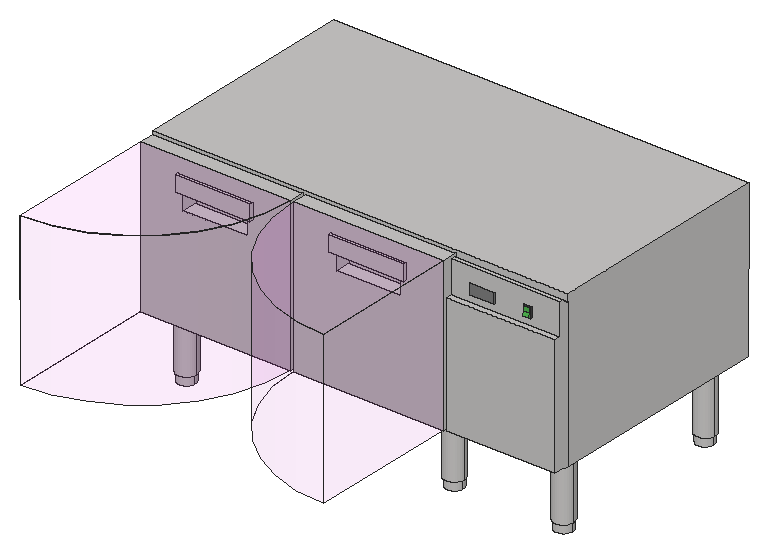
Revit family "QF_ELECTROLUXPROFESSIONAL_371371_E7TTCPCOMIN", category Specialty Equipment, Revit 2018 (continued)
Lines and regions (mm)
  Split face 148
    outline origin (788.396, -348, 142.29) x (0, 0, -1) y (1, 0, 0)
      loop
        arc (-117.004, -234.4) -> (-121.004, -238.41) -> (-116.984, -242.399) r 4
        line (-116.984, -242.399) -> (-85.025, -242.399)
  Split face 149
    outline origin (800.396, -348, 142.29) x (0, 0, -1) y (1, 0, 0)
      loop
        arc (-85.025, -242.399) -> (-81.004, -238.41) -> (-85.004, -234.4) r 4
        line (-85.004, -234.4) -> (-117.004, -234.4)
        arc (-117.004, -234.4) -> (-121.004, -238.41) -> (-116.984, -242.399) r 4
        line (-116.984, -242.399) -> (-85.025, -242.399)
  Split face 150
    outline origin (812.396, -348, 142.29) x (0, 0, -1) y (1, 0, 0)
      loop
        arc (-85.025, -242.399) -> (-81.004, -238.41) -> (-85.004, -234.4) r 4
        line (-85.004, -234.4) -> (-117.004, -234.4)
        arc (-117.004, -234.4) -> (-121.004, -238.41) -> (-116.984, -242.399) r 4
        line (-116.984, -242.399) -> (-85.025, -242.399)
  Split face 151
    outline origin (589.5, -348, 142.29) x (0, 0, -1) y (1, 0, 0)
      loop
        arc (-85.025, -282.599) -> (-81.004, -278.61) -> (-85.004, -274.599) r 4
        line (-85.004, -274.599) -> (-117.004, -274.599)
        arc (-117.004, -274.599) -> (-121.004, -278.61) -> (-116.984, -282.599) r 4
        line (-116.984, -282.599) -> (-85.025, -282.599)
  Split face 152
    outline origin (709.396, -348, 412.291) x (0, 0, -1) y (1, 0, 0)
      loop
        arc (-85.025, -282.599) -> (-81.004, -278.61) -> (-85.004, -274.599) r 4
        line (-85.004, -274.599) -> (-117.004, -274.599)
        arc (-117.004, -274.599) -> (-121.004, -278.61) -> (-116.984, -282.599) r 4
        line (-116.984, -282.599) -> (-85.025, -282.599)
  Split face 153
    outline origin (721.397, -348, 412.291) x (0, 0, -1) y (1, 0, 0)
      loop
        arc (-85.025, -282.599) -> (-81.004, -278.61) -> (-85.004, -274.599) r 4
        line (-85.004, -274.599) -> (-117.004, -274.599)
        arc (-117.004, -274.599) -> (-121.004, -278.61) -> (-116.984, -282.599) r 4
        line (-116.984, -282.599) -> (-85.025, -282.599)
  Split face 154
    outline origin (733.396, -348, 412.291) x (0, 0, -1) y (1, 0, 0)
      loop
        arc (-85.025, -282.599) -> (-81.004, -278.61) -> (-85.004, -274.599) r 4
        line (-85.004, -274.599) -> (-117.004, -274.599)
        arc (-117.004, -274.599) -> (-121.004, -278.61) -> (-116.984, -282.599) r 4
        line (-116.984, -282.599) -> (-85.025, -282.599)
  Split face 155
    outline origin (709.396, -348, 367.29) x (0, 0, -1) y (1, 0, 0)
      loop
        arc (-85.025, -282.599) -> (-81.004, -278.61) -> (-85.004, -274.599) r 4
        line (-85.004, -274.599) -> (-117.004, -274.599)
        arc (-117.004, -274.599) -> (-121.004, -278.61) -> (-116.984, -282.599) r 4
        line (-116.984, -282.599) -> (-85.025, -282.599)
  Split face 156
    outline origin (721.397, -348, 367.29) x (0, 0, -1) y (1, 0, 0)
      loop
        arc (-85.025, -282.599) -> (-81.004, -278.61) -> (-85.004, -274.599) r 4
        line (-85.004, -274.599) -> (-117.004, -274.599)
        arc (-117.004, -274.599) -> (-121.004, -278.61) -> (-116.984, -282.599) r 4
        line (-116.984, -282.599) -> (-85.025, -282.599)
  Split face 157
    outline origin (733.396, -348, 367.29) x (0, 0, -1) y (1, 0, 0)
      loop
        arc (-85.025, -282.599) -> (-81.004, -278.61) -> (-85.004, -274.599) r 4
        line (-85.004, -274.599) -> (-117.004, -274.599)
        arc (-117.004, -274.599) -> (-121.004, -278.61) -> (-116.984, -282.599) r 4
        line (-116.984, -282.599) -> (-85.025, -282.599)
  Split face 158
    outline origin (709.396, -348, 322.29) x (0, 0, -1) y (1, 0, 0)
      loop
        arc (-85.025, -282.599) -> (-81.004, -278.61) -> (-85.004, -274.599) r 4
        line (-85.004, -274.599) -> (-117.004, -274.599)
        arc (-117.004, -274.599) -> (-121.004, -278.61) -> (-116.984, -282.599) r 4
        line (-116.984, -282.599) -> (-85.025, -282.599)
  Split face 159
    outline origin (721.397, -348, 322.29) x (0, 0, -1) y (1, 0, 0)
      loop
        arc (-85.025, -282.599) -> (-81.004, -278.61) -> (-85.004, -274.599) r 4
        line (-85.004, -274.599) -> (-117.004, -274.599)
        arc (-117.004, -274.599) -> (-121.004, -278.61) -> (-116.984, -282.599) r 4
        line (-116.984, -282.599) -> (-85.025, -282.599)
  Split face 160
    outline origin (733.396, -348, 322.29) x (0, 0, -1) y (1, 0, 0)
      loop
        arc (-85.025, -282.599) -> (-81.004, -278.61) -> (-85.004, -274.599) r 4
        line (-85.004, -274.599) -> (-117.004, -274.599)
        arc (-117.004, -274.599) -> (-121.004, -278.61) -> (-116.984, -282.599) r 4
        line (-116.984, -282.599) -> (-85.025, -282.599)
  Split face 161
    outline origin (709.396, -348, 277.29) x (0, 0, -1) y (1, 0, 0)
      loop
        arc (-85.025, -282.599) -> (-81.004, -278.61) -> (-85.004, -274.599) r 4
        line (-85.004, -274.599) -> (-117.004, -274.599)
        arc (-117.004, -274.599) -> (-121.004, -278.61) -> (-116.984, -282.599) r 4
        line (-116.984, -282.599) -> (-85.025, -282.599)
  Split face 162
    outline origin (721.397, -348, 277.29) x (0, 0, -1) y (1, 0, 0)
      loop
        arc (-85.025, -282.599) -> (-81.004, -278.61) -> (-85.004, -274.599) r 4
        line (-85.004, -274.599) -> (-117.004, -274.599)
        arc (-117.004, -274.599) -> (-121.004, -278.61) -> (-116.984, -282.599) r 4
        line (-116.984, -282.599) -> (-85.025, -282.599)
  Split face 163
    outline origin (733.396, -348, 277.29) x (0, 0, -1) y (1, 0, 0)
      loop
        arc (-85.025, -282.599) -> (-81.004, -278.61) -> (-85.004, -274.599) r 4
        line (-85.004, -274.599) -> (-117.004, -274.599)
        arc (-117.004, -274.599) -> (-121.004, -278.61) -> (-116.984, -282.599) r 4
        line (-116.984, -282.599) -> (-85.025, -282.599)
  Split face 164
    outline origin (709.396, -348, 232.29) x (0, 0, -1) y (1, 0, 0)
      loop
        arc (-85.025, -282.599) -> (-81.004, -278.61) -> (-85.004, -274.599) r 4
        line (-85.004, -274.599) -> (-117.004, -274.599)
        arc (-117.004, -274.599) -> (-121.004, -278.61) -> (-116.984, -282.599) r 4
        line (-116.984, -282.599) -> (-85.025, -282.599)
  Split face 165
    outline origin (721.397, -348, 232.29) x (0, 0, -1) y (1, 0, 0)
      loop
        arc (-85.025, -282.599) -> (-81.004, -278.61) -> (-85.004, -274.599) r 4
        line (-85.004, -274.599) -> (-117.004, -274.599)
        arc (-117.004, -274.599) -> (-121.004, -278.61) -> (-116.984, -282.599) r 4
        line (-116.984, -282.599) -> (-85.025, -282.599)
  Split face 166
    outline origin (733.396, -348, 232.29) x (0, 0, -1) y (1, 0, 0)
      loop
        arc (-85.025, -282.599) -> (-81.004, -278.61) -> (-85.004, -274.599) r 4
        line (-85.004, -274.599) -> (-117.004, -274.599)
        arc (-117.004, -274.599) -> (-121.004, -278.61) -> (-116.984, -282.599) r 4
        line (-116.984, -282.599) -> (-85.025, -282.599)
  Split face 167
    outline origin (709.396, -348, 187.29) x (0, 0, -1) y (1, 0, 0)
      loop
        arc (-85.025, -282.599) -> (-81.004, -278.61) -> (-85.004, -274.599) r 4
        line (-85.004, -274.599) -> (-117.004, -274.599)
        arc (-117.004, -274.599) -> (-121.004, -278.61) -> (-116.984, -282.599) r 4
        line (-116.984, -282.599) -> (-85.025, -282.599)
  Split face 168
    outline origin (721.397, -348, 187.29) x (0, 0, -1) y (1, 0, 0)
      loop
        arc (-85.025, -282.599) -> (-81.004, -278.61) -> (-85.004, -274.599) r 4
        line (-85.004, -274.599) -> (-117.004, -274.599)
        arc (-117.004, -274.599) -> (-121.004, -278.61) -> (-116.984, -282.599) r 4
        line (-116.984, -282.599) -> (-85.025, -282.599)
  Split face 169
    outline origin (733.396, -348, 187.29) x (0, 0, -1) y (1, 0, 0)
      loop
        arc (-85.025, -282.599) -> (-81.004, -278.61) -> (-85.004, -274.599) r 4
        line (-85.004, -274.599) -> (-117.004, -274.599)
        arc (-117.004, -274.599) -> (-121.004, -278.61) -> (-116.984, -282.599) r 4
        line (-116.984, -282.599) -> (-85.025, -282.599)
  Split face 170
    outline origin (709.396, -348, 142.29) x (0, 0, -1) y (1, 0, 0)
      loop
        arc (-85.025, -282.599) -> (-81.004, -278.61) -> (-85.004, -274.599) r 4
        line (-85.004, -274.599) -> (-117.004, -274.599)
        arc (-117.004, -274.599) -> (-121.004, -278.61) -> (-116.984, -282.599) r 4
        line (-116.984, -282.599) -> (-85.025, -282.599)
  Split face 171
    outline origin (721.397, -348, 142.29) x (0, 0, -1) y (1, 0, 0)
      loop
        arc (-85.025, -282.599) -> (-81.004, -278.61) -> (-85.004, -274.599) r 4
        line (-85.004, -274.599) -> (-117.004, -274.599)
        arc (-117.004, -274.599) -> (-121.004, -278.61) -> (-116.984, -282.599) r 4
        line (-116.984, -282.599) -> (-85.025, -282.599)
  Split face 172
    outline origin (733.396, -348, 142.29) x (0, 0, -1) y (1, 0, 0)
      loop
        arc (-85.025, -282.599) -> (-81.004, -278.61) -> (-85.004, -274.599) r 4
        line (-85.004, -274.599) -> (-117.004, -274.599)
        arc (-117.004, -274.599) -> (-121.004, -278.61) -> (-116.984, -282.599) r 4
        line (-116.984, -282.599) -> (-85.025, -282.599)
  symbolic lines, style "SpecialityEquipmentHiddenLines"
    curve 1: line (-599, 350, 0) -> (599, 350, 0)
    curve 2: line (-599, -348, 0) -> (-599, 350, 0)
    curve 3: line (599, -348, 0) -> (-599, -348, 0)
    curve 4: line (599, 350, 0) -> (599, -348, 0)
    curve 5: line (-599, -303, 0) -> (599, -303, 0)
  symbolic lines, style "QF_Door-Drawer Clearances"
    curve 6: line (-599, -348, 0) -> (-599, -782.001, 0)
    curve 7: line (-559, -348, 0) -> (-559, -782.001, 0)
    curve 8: line (-559, -782.001, 0) -> (-599, -782.001, 0)
    curve 9: arc (-559, -782.001, 0) -> (-278.246, -641.035, 0) -> (-164.999, -348, 0) r 436.241
    curve 10: line (277.502, -348, 0) -> (277.502, -782.001, 0)
    curve 11: line (237.502, -348, 0) -> (237.502, -782.001, 0)
    curve 12: line (237.502, -782.001, 0) -> (277.502, -782.001, 0)
    curve 13: arc (237.502, -782.001, 0) -> (-43.252, -641.035, 0) -> (-156.499, -348, 0) r 436.241
Dimensions and locks
  plane 4 to level = 200 mm
  plane 5 "TOP" to level = 650 mm
  plane 5 "TOP" to plane 4 = 450 mm
  equal spacing: plane 8 "LEFT", plane 3 "Centro (Sinistra/Destra)", plane 9 "RIGHT"
  plane 8 "LEFT" to plane 9 "RIGHT" = 1200 mm
  equal spacing: plane 6 "BACK", plane 1 "Center X", plane 7 "FRONT"
  plane 6 "BACK" to plane 7 "FRONT" = 700 mm
  locked: plane 6 "BACK" to plane 10 at 653
  locked: plane 10 to plane 11 at 45
  locked: plane 8 "LEFT" to plane 12 at 55
  locked: plane 13 to plane 9 "RIGHT" at 55
  locked: plane 12 to plane 14 at 774
  locked: plane 6 "BACK" to plane 15 at 88
  locked: plane 16 to plane 11 at 99
  locked: plane 19 to plane 9 "RIGHT" at 1
  locked: plane 8 "LEFT" to plane 18 at 1
  plane 19 to plane 17 = 313 mm
  locked: plane 6 "BACK" to plane 20 at 160
  plane 21 to plane 9 "RIGHT" = 40 mm
  aligned and locked: level to plane 2
  aligned and locked: plane 12 to nested 1
  aligned and locked: nested 1 to plane 16
  aligned and locked: nested 2 to plane 15
  aligned and locked: plane 14 to nested 3
  aligned and locked: nested 4 to plane 14
  aligned and locked: plane 13 to nested 5
  aligned and locked: nested 6 to plane 13
  aligned and locked: Extrusion 1 sketch curve to plane 6 "BACK"
  aligned and locked: plane 10 to Extrusion 1 sketch curve
  aligned and locked: Extrusion 2 to plane 11
  aligned and locked: Extrusion 8 to plane 11
  aligned and locked: plane 19 to Extrusion 1
  aligned and locked: plane 4 to Extrusion 10
Automatic sketch dimensions
  Extrusion 10 sketch curve to plane 20 = 0 mm
  Extrusion 10 sketch curve to plane 21 = 0 mm
  curve 2 to plane 11 = 0 mm
  curve 2 to plane 18 = 0 mm
  curve 4 to plane 6 "BACK" = 0 mm
  curve 4 to plane 19 = 0 mm
  curve 5 to plane 10 = 0 mm
  plane 11 to curve 9 = 0.19 mm
  curve 9 to plane 8 "LEFT" = 1.24 mm
  curve 7 to plane 12 = 14 mm
  curve 12 to plane 17 = 48.498 mm
  curve 10 to plane 17 = 8.498 mm
  plane 11 to curve 13 = 0.19 mm
  curve 10 to curve 13 = 2.24 mm
  curve 11 to plane 7 "FRONT" = 432.001 mm
  curve 6 to plane 7 "FRONT" = 432.001 mm
  Extrusion 1 sketch curve to plane 19 = 0 mm
  Extrusion 1 sketch curve to plane 18 = 0 mm
  Extrusion 2 sketch curve to plane 18 = 0 mm
  plane 12 to Extrusion 2 sketch curve = 69.7 mm
  Extrusion 2 sketch curve to Extrusion 2 sketch curve = 186.601 mm
  Extrusion 2 sketch curve to plane 5 "TOP" = 9.006 mm
  Extrusion 2 sketch curve to Extrusion 2 sketch curve = 123.7 mm
  Extrusion 2 sketch curve to plane 5 "TOP" = 65 mm
  Extrusion 2 sketch curve to Extrusion 2 sketch curve = 78.294 mm
  plane 4 to Extrusion 2 sketch curve = 1.587 mm
  Extrusion 3 sketch curve to plane 11 = 0 mm
  Extrusion 3 sketch curve to plane 4 = 0 mm
  Extrusion 3 sketch curve to plane 10 = 0 mm
  plane 11 to Extrusion 3 sketch curve = 16.901 mm
  Extrusion 3 sketch curve to Extrusion 3 sketch curve = 11.336 mm
  plane 4 to Extrusion 3 sketch curve = 4.796 mm
  Extrusion 3 sketch curve to plane 10 = 15.163 mm
  Extrusion 3 sketch curve to plane 10 = 5.442 mm
  Extrusion 3 sketch curve to plane 5 "TOP" = 100.204 mm
  Extrusion 3 sketch curve to plane 5 "TOP" = 20.473 mm
  Extrusion 3 sketch curve to plane 5 "TOP" = 9.006 mm
  Extrusion 3 to Extrusion 4 sketch curve = 42.198 mm
  Extrusion 4 sketch curve to Extrusion 3 = 20 mm
  Extrusion 3 to Extrusion 4 sketch curve = 102.899 mm
  Extrusion 4 sketch curve to Extrusion 4 sketch curve = 22 mm
  Extrusion 3 to Extrusion 5 sketch curve = 42.198 mm
  Extrusion 5 sketch curve to Extrusion 3 = 20 mm
  Extrusion 3 to Extrusion 5 sketch curve = 54.901 mm
  Extrusion 5 sketch curve to Extrusion 5 sketch curve = 70 mm
  Split face 1 sketch curve to Extrusion 5 = 5 mm
  Split face 1 sketch curve to Extrusion 5 = 9 mm
  Split face 1 sketch curve to Extrusion 5 = 10 mm  (x2)
  Split face 2 sketch curve to Extrusion 5 = 12.5 mm
  Split face 2 sketch curve to Extrusion 5 = 7 mm
  Split face 3 sketch curve to Extrusion 5 = 7.5 mm
  Split face 3 sketch curve to Extrusion 5 = 7 mm
  Split face 4 sketch curve to Extrusion 5 = 11.5 mm
  Split face 4 sketch curve to Extrusion 5 = 7 mm
  Split face 5 sketch curve to Extrusion 5 = 7.5 mm
  Split face 5 sketch curve to Extrusion 5 = 7 mm
  Split face 6 sketch curve to Extrusion 5 = 12.5 mm
  Split face 6 sketch curve to Extrusion 5 = 7 mm
  Split face 7 sketch curve to Extrusion 5 = 11.5 mm
  Split face 7 sketch curve to Extrusion 5 = 7 mm
  Split face 8 sketch curve to Extrusion 5 = 7.047 mm
  Split face 8 sketch curve to Extrusion 5 = 2.047 mm
  Split face 8 sketch curve to Extrusion 5 = 10 mm
  Split face 8 sketch curve to Split face 8 sketch curve = 11 mm
  Split face 9 sketch curve to Extrusion 5 = 7.047 mm
  Split face 9 sketch curve to Extrusion 5 = 2.047 mm
  Split face 9 sketch curve to Extrusion 5 = 23 mm
  Split face 9 sketch curve to Split face 9 sketch curve = 11 mm
  Split face 10 sketch curve to Extrusion 5 = 7.047 mm
  Split face 10 sketch curve to Extrusion 5 = 2.047 mm
  Split face 10 sketch curve to Extrusion 5 = 34 mm
  Split face 10 sketch curve to Split face 10 sketch curve = 11 mm
  Split face 11 sketch curve to Extrusion 5 = 7.047 mm
  Split face 11 sketch curve to Extrusion 5 = 2.047 mm
  Split face 11 sketch curve to Extrusion 5 = 21 mm
  Split face 11 sketch curve to Extrusion 5 = 10 mm
  Extrusion 6 sketch curve to Extrusion 6 sketch curve = 0 mm  (x3)
  Extrusion 6 sketch curve to Extrusion 4 = 0 mm
  Extrusion 4 to Extrusion 6 sketch curve = 2.279 mm
  Extrusion 6 sketch curve to Extrusion 6 sketch curve = 0.116 mm
  Extrusion 6 sketch curve to Extrusion 6 sketch curve = 12.105 mm
  Extrusion 4 to Extrusion 6 sketch curve = 3.692 mm
  Extrusion 4 to Extrusion 6 sketch curve = 2.395 mm
  Split face 12 sketch curve to Extrusion 3 = 20.5 mm
  Split face 12 sketch curve to Split face 12 sketch curve = 0.02 mm  (x2)
  Split face 12 sketch curve to Split face 12 sketch curve = 31.959 mm
  Split face 12 sketch curve to Extrusion 3 = 32.901 mm
  Split face 12 sketch curve to Split face 12 sketch curve = 4 mm
  Split face 13 sketch curve to Extrusion 3 = 20.5 mm
  Split face 13 sketch curve to Split face 13 sketch curve = 0.02 mm  (x2)
  Split face 13 sketch curve to Split face 13 sketch curve = 31.959 mm
  Split face 13 sketch curve to Extrusion 3 = 44.9 mm
  Split face 13 sketch curve to Split face 13 sketch curve = 4 mm
  Split face 14 sketch curve to Extrusion 3 = 20.5 mm
  Split face 14 sketch curve to Split face 14 sketch curve = 0.02 mm  (x2)
  Split face 14 sketch curve to Split face 14 sketch curve = 31.959 mm
  Split face 14 sketch curve to Extrusion 3 = 56.9 mm
  Split face 14 sketch curve to Split face 14 sketch curve = 4 mm
  Split face 15 sketch curve to Extrusion 3 = 20.5 mm
  Split face 15 sketch curve to Split face 15 sketch curve = 0.02 mm  (x2)
  Split face 15 sketch curve to Split face 15 sketch curve = 31.959 mm
  Split face 15 sketch curve to Extrusion 3 = 68.797 mm
  Split face 15 sketch curve to Split face 15 sketch curve = 4 mm
  Split face 16 sketch curve to Extrusion 3 = 20.5 mm
  Split face 16 sketch curve to Split face 16 sketch curve = 0.02 mm  (x2)
  Split face 16 sketch curve to Split face 16 sketch curve = 31.959 mm
  Split face 16 sketch curve to Extrusion 3 = 80.797 mm
  Split face 16 sketch curve to Split face 16 sketch curve = 4 mm
  Split face 17 sketch curve to Extrusion 3 = 20.5 mm
  Split face 17 sketch curve to Split face 17 sketch curve = 0.02 mm  (x2)
  Split face 17 sketch curve to Split face 17 sketch curve = 31.959 mm
  Split face 17 sketch curve to Extrusion 3 = 92.797 mm
  Split face 17 sketch curve to Split face 17 sketch curve = 4 mm
  Split face 18 sketch curve to Extrusion 3 = 20.5 mm
  Split face 18 sketch curve to Split face 18 sketch curve = 0.02 mm  (x2)
  Split face 18 sketch curve to Split face 18 sketch curve = 31.959 mm
  Split face 18 sketch curve to Extrusion 3 = 104.797 mm
  Split face 18 sketch curve to Split face 18 sketch curve = 4 mm
  Split face 19 sketch curve to Extrusion 3 = 20.5 mm
  Split face 19 sketch curve to Split face 19 sketch curve = 0.02 mm  (x2)
  Split face 19 sketch curve to Split face 19 sketch curve = 31.959 mm
  Split face 19 sketch curve to Extrusion 3 = 116.797 mm
  Split face 19 sketch curve to Split face 19 sketch curve = 4 mm
  Split face 20 sketch curve to Extrusion 3 = 20.5 mm
  Split face 20 sketch curve to Split face 20 sketch curve = 0.02 mm  (x2)
  Split face 20 sketch curve to Split face 20 sketch curve = 31.959 mm
  Split face 20 sketch curve to Extrusion 3 = 128.797 mm
  Split face 20 sketch curve to Split face 20 sketch curve = 4 mm
  Split face 21 sketch curve to Extrusion 3 = 20.5 mm
  Split face 21 sketch curve to Split face 21 sketch curve = 0.02 mm  (x2)
  Split face 21 sketch curve to Split face 21 sketch curve = 31.959 mm
  Split face 21 sketch curve to Extrusion 3 = 137.003 mm
  Split face 21 sketch curve to Split face 21 sketch curve = 4 mm
  Split face 22 sketch curve to Extrusion 3 = 20.5 mm
  Split face 22 sketch curve to Split face 22 sketch curve = 0.02 mm  (x2)
  Split face 22 sketch curve to Split face 22 sketch curve = 31.959 mm
  Split face 22 sketch curve to Extrusion 3 = 125.004 mm
  Split face 22 sketch curve to Split face 22 sketch curve = 4 mm
  Split face 23 sketch curve to Extrusion 3 = 20.5 mm
  Split face 23 sketch curve to Split face 23 sketch curve = 0.02 mm  (x2)
  Split face 23 sketch curve to Split face 23 sketch curve = 31.959 mm
  Split face 23 sketch curve to Extrusion 3 = 113.003 mm
  Split face 23 sketch curve to Split face 23 sketch curve = 4 mm
  Split face 24 sketch curve to Extrusion 3 = 20.5 mm
  Split face 24 sketch curve to Split face 24 sketch curve = 0.02 mm  (x2)
  Split face 24 sketch curve to Split face 24 sketch curve = 31.959 mm
  Split face 24 sketch curve to Extrusion 3 = 101.003 mm
  Split face 24 sketch curve to Split face 24 sketch curve = 4 mm
  Split face 25 sketch curve to Extrusion 3 = 20.5 mm
  Split face 25 sketch curve to Split face 25 sketch curve = 0.02 mm  (x2)
  Split face 25 sketch curve to Split face 25 sketch curve = 31.959 mm
  Split face 25 sketch curve to Extrusion 3 = 89.003 mm
  Split face 25 sketch curve to Split face 25 sketch curve = 4 mm
  Split face 26 sketch curve to Extrusion 3 = 20.5 mm
  Split face 26 sketch curve to Split face 26 sketch curve = 0.02 mm  (x2)
  Split face 26 sketch curve to Split face 26 sketch curve = 31.959 mm
  Split face 26 sketch curve to Extrusion 3 = 77.004 mm
  Split face 26 sketch curve to Split face 26 sketch curve = 4 mm
  Split face 27 sketch curve to Extrusion 3 = 20.5 mm
  Split face 27 sketch curve to Split face 27 sketch curve = 0.02 mm  (x2)
  Split face 27 sketch curve to Split face 27 sketch curve = 31.959 mm
  Split face 27 sketch curve to Extrusion 3 = 65.003 mm
  Split face 27 sketch curve to Split face 27 sketch curve = 4 mm
  Split face 28 sketch curve to Extrusion 3 = 20.5 mm
  Split face 28 sketch curve to Split face 28 sketch curve = 0.02 mm  (x2)
  Split face 28 sketch curve to Split face 28 sketch curve = 31.959 mm
  Split face 28 sketch curve to Extrusion 3 = 53.004 mm
  Split face 28 sketch curve to Split face 28 sketch curve = 4 mm
  Split face 29 sketch curve to Extrusion 3 = 20.5 mm
  Split face 29 sketch curve to Split face 29 sketch curve = 0.02 mm  (x2)
  Split face 29 sketch curve to Split face 29 sketch curve = 31.959 mm
  Split face 29 sketch curve to Extrusion 3 = 41.004 mm
  Split face 29 sketch curve to Split face 29 sketch curve = 4 mm
  Split face 30 sketch curve to Extrusion 3 = 20.5 mm
  Split face 30 sketch curve to Split face 30 sketch curve = 0.02 mm  (x2)
  Split face 30 sketch curve to Split face 30 sketch curve = 31.959 mm
  Split face 30 sketch curve to Extrusion 3 = 29.004 mm
  Split face 30 sketch curve to Split face 30 sketch curve = 4 mm
  Split face 31 sketch curve to Extrusion 3 = 20.5 mm
  Split face 31 sketch curve to Split face 31 sketch curve = 0.02 mm  (x2)
  Split face 31 sketch curve to Split face 31 sketch curve = 31.959 mm
  Split face 31 sketch curve to Extrusion 3 = 20.901 mm
  Split face 31 sketch curve to Split face 31 sketch curve = 4 mm
  Split face 32 sketch curve to Extrusion 3 = 65.502 mm
  Split face 32 sketch curve to Split face 32 sketch curve = 0.02 mm  (x2)
  Split face 32 sketch curve to Split face 32 sketch curve = 31.959 mm
  Split face 32 sketch curve to Extrusion 3 = 32.901 mm
  Split face 32 sketch curve to Split face 32 sketch curve = 4 mm
  Split face 33 sketch curve to Extrusion 3 = 65.502 mm
  Split face 33 sketch curve to Split face 33 sketch curve = 0.02 mm  (x2)
  Split face 33 sketch curve to Split face 33 sketch curve = 31.959 mm
  Split face 33 sketch curve to Extrusion 3 = 44.9 mm
  Split face 33 sketch curve to Split face 33 sketch curve = 4 mm
  Split face 34 sketch curve to Extrusion 3 = 65.502 mm
  Split face 34 sketch curve to Split face 34 sketch curve = 0.02 mm  (x2)
  Split face 34 sketch curve to Split face 34 sketch curve = 31.959 mm
  Split face 34 sketch curve to Extrusion 3 = 56.9 mm
  Split face 34 sketch curve to Split face 34 sketch curve = 4 mm
  Split face 35 sketch curve to Extrusion 3 = 65.502 mm
  Split face 35 sketch curve to Split face 35 sketch curve = 0.02 mm  (x2)
  Split face 35 sketch curve to Split face 35 sketch curve = 31.959 mm
  Split face 35 sketch curve to Extrusion 3 = 68.797 mm
  Split face 35 sketch curve to Split face 35 sketch curve = 4 mm
  Split face 36 sketch curve to Extrusion 3 = 65.502 mm
  Split face 36 sketch curve to Split face 36 sketch curve = 0.02 mm  (x2)
  Split face 36 sketch curve to Split face 36 sketch curve = 31.959 mm
  Split face 36 sketch curve to Extrusion 3 = 80.797 mm
  Split face 36 sketch curve to Split face 36 sketch curve = 4 mm
  Split face 37 sketch curve to Extrusion 3 = 65.502 mm
  Split face 37 sketch curve to Split face 37 sketch curve = 0.02 mm  (x2)
  Split face 37 sketch curve to Split face 37 sketch curve = 31.959 mm
  Split face 37 sketch curve to Extrusion 3 = 92.797 mm
  Split face 37 sketch curve to Split face 37 sketch curve = 4 mm
  Split face 38 sketch curve to Extrusion 3 = 65.502 mm
  Split face 38 sketch curve to Split face 38 sketch curve = 0.02 mm  (x2)
  Split face 38 sketch curve to Split face 38 sketch curve = 31.959 mm
  Split face 38 sketch curve to Extrusion 3 = 104.797 mm
  Split face 38 sketch curve to Split face 38 sketch curve = 4 mm
  Split face 39 sketch curve to Extrusion 3 = 65.502 mm
  Split face 39 sketch curve to Split face 39 sketch curve = 0.02 mm  (x2)
  Split face 39 sketch curve to Split face 39 sketch curve = 31.959 mm
  Split face 39 sketch curve to Extrusion 3 = 116.797 mm
  Split face 39 sketch curve to Split face 39 sketch curve = 4 mm
  Split face 40 sketch curve to Extrusion 3 = 65.502 mm
  Split face 40 sketch curve to Split face 40 sketch curve = 0.02 mm  (x2)
  Split face 40 sketch curve to Split face 40 sketch curve = 31.959 mm
  Split face 40 sketch curve to Extrusion 3 = 128.797 mm
  Split face 40 sketch curve to Split face 40 sketch curve = 4 mm
  Split face 41 sketch curve to Extrusion 3 = 65.502 mm
  Split face 41 sketch curve to Split face 41 sketch curve = 0.02 mm  (x2)
  Split face 41 sketch curve to Split face 41 sketch curve = 31.959 mm
  Split face 41 sketch curve to Extrusion 3 = 137.003 mm
  Split face 41 sketch curve to Split face 41 sketch curve = 4 mm
  Split face 42 sketch curve to Extrusion 3 = 65.502 mm
  Split face 42 sketch curve to Split face 42 sketch curve = 0.02 mm  (x2)
  Split face 42 sketch curve to Split face 42 sketch curve = 31.959 mm
  Split face 42 sketch curve to Extrusion 3 = 125.004 mm
  Split face 42 sketch curve to Split face 42 sketch curve = 4 mm
  Split face 43 sketch curve to Extrusion 3 = 65.502 mm
  Split face 43 sketch curve to Split face 43 sketch curve = 0.02 mm  (x2)
  Split face 43 sketch curve to Split face 43 sketch curve = 31.959 mm
  Split face 43 sketch curve to Extrusion 3 = 113.003 mm
  Split face 43 sketch curve to Split face 43 sketch curve = 4 mm
  Split face 44 sketch curve to Extrusion 3 = 65.502 mm
  Split face 44 sketch curve to Split face 44 sketch curve = 0.02 mm  (x2)
  Split face 44 sketch curve to Split face 44 sketch curve = 31.959 mm
  Split face 44 sketch curve to Extrusion 3 = 101.003 mm
  Split face 44 sketch curve to Split face 44 sketch curve = 4 mm
  Split face 45 sketch curve to Extrusion 3 = 65.502 mm
  Split face 45 sketch curve to Split face 45 sketch curve = 0.02 mm  (x2)
  Split face 45 sketch curve to Split face 45 sketch curve = 31.959 mm
  Split face 45 sketch curve to Extrusion 3 = 89.003 mm
  Split face 45 sketch curve to Split face 45 sketch curve = 4 mm
  Split face 46 sketch curve to Extrusion 3 = 65.502 mm
  Split face 46 sketch curve to Split face 46 sketch curve = 0.02 mm  (x2)
  Split face 46 sketch curve to Split face 46 sketch curve = 31.959 mm
  Split face 46 sketch curve to Extrusion 3 = 77.004 mm
  Split face 46 sketch curve to Split face 46 sketch curve = 4 mm
  Split face 47 sketch curve to Extrusion 3 = 65.502 mm
  Split face 47 sketch curve to Split face 47 sketch curve = 0.02 mm  (x2)
  Split face 47 sketch curve to Split face 47 sketch curve = 31.959 mm
  Split face 47 sketch curve to Extrusion 3 = 65.003 mm
  Split face 47 sketch curve to Split face 47 sketch curve = 4 mm
  Split face 48 sketch curve to Extrusion 3 = 65.502 mm
  Split face 48 sketch curve to Split face 48 sketch curve = 0.02 mm  (x2)
  Split face 48 sketch curve to Split face 48 sketch curve = 31.959 mm
  Split face 48 sketch curve to Extrusion 3 = 53.004 mm
  Split face 48 sketch curve to Split face 48 sketch curve = 4 mm
  Split face 49 sketch curve to Extrusion 3 = 65.502 mm
  Split face 49 sketch curve to Split face 49 sketch curve = 0.02 mm  (x2)
  Split face 49 sketch curve to Split face 49 sketch curve = 31.959 mm
  Split face 49 sketch curve to Extrusion 3 = 41.004 mm
  Split face 49 sketch curve to Split face 49 sketch curve = 4 mm
  Split face 50 sketch curve to Extrusion 3 = 25.004 mm
  Split face 50 sketch curve to Extrusion 3 = 65.502 mm
  Split face 50 sketch curve to Split face 50 sketch curve = 0.02 mm  (x2)
  Split face 50 sketch curve to Split face 50 sketch curve = 31.959 mm
  Split face 50 sketch curve to Split face 50 sketch curve = 4 mm
  Split face 51 sketch curve to Extrusion 3 = 24.901 mm
  Split face 51 sketch curve to Extrusion 3 = 65.502 mm
  Split face 51 sketch curve to Split face 51 sketch curve = 0.02 mm  (x2)
  Split face 51 sketch curve to Split face 51 sketch curve = 31.959 mm
  Split face 51 sketch curve to Split face 51 sketch curve = 4 mm
  Split face 52 sketch curve to Extrusion 3 = 36.901 mm
  Split face 52 sketch curve to Extrusion 3 = 110.502 mm
  Split face 52 sketch curve to Split face 52 sketch curve = 0.02 mm  (x2)
  Split face 52 sketch curve to Split face 52 sketch curve = 31.959 mm
  Split face 52 sketch curve to Split face 52 sketch curve = 4 mm
  Split face 53 sketch curve to Extrusion 3 = 48.9 mm
  Split face 53 sketch curve to Extrusion 3 = 110.502 mm
  Split face 53 sketch curve to Split face 53 sketch curve = 0.02 mm  (x2)
  Split face 53 sketch curve to Split face 53 sketch curve = 31.959 mm
  Split face 53 sketch curve to Split face 53 sketch curve = 4 mm
  Split face 54 sketch curve to Extrusion 3 = 110.502 mm
  Split face 54 sketch curve to Split face 54 sketch curve = 0.02 mm  (x2)
  Split face 54 sketch curve to Split face 54 sketch curve = 31.959 mm
  Split face 54 sketch curve to Extrusion 3 = 56.9 mm
  Split face 54 sketch curve to Split face 54 sketch curve = 4 mm
  Split face 55 sketch curve to Extrusion 3 = 110.502 mm
  Split face 55 sketch curve to Split face 55 sketch curve = 0.02 mm  (x2)
  Split face 55 sketch curve to Split face 55 sketch curve = 31.959 mm
  Split face 55 sketch curve to Extrusion 3 = 68.797 mm
  Split face 55 sketch curve to Split face 55 sketch curve = 4 mm
  Split face 56 sketch curve to Extrusion 3 = 110.502 mm
  Split face 56 sketch curve to Split face 56 sketch curve = 0.02 mm  (x2)
  Split face 56 sketch curve to Split face 56 sketch curve = 31.959 mm
  Split face 56 sketch curve to Extrusion 3 = 80.797 mm
  Split face 56 sketch curve to Split face 56 sketch curve = 4 mm
  Split face 57 sketch curve to Extrusion 3 = 110.502 mm
  Split face 57 sketch curve to Split face 57 sketch curve = 0.02 mm  (x2)
  Split face 57 sketch curve to Split face 57 sketch curve = 31.959 mm
  Split face 57 sketch curve to Extrusion 3 = 92.797 mm
  Split face 57 sketch curve to Split face 57 sketch curve = 4 mm
  Split face 58 sketch curve to Extrusion 3 = 110.502 mm
  Split face 58 sketch curve to Split face 58 sketch curve = 0.02 mm  (x2)
  Split face 58 sketch curve to Split face 58 sketch curve = 31.959 mm
  Split face 58 sketch curve to Extrusion 3 = 104.797 mm
  Split face 58 sketch curve to Split face 58 sketch curve = 4 mm
  Split face 59 sketch curve to Extrusion 3 = 110.502 mm
  Split face 59 sketch curve to Split face 59 sketch curve = 0.02 mm  (x2)
  Split face 59 sketch curve to Split face 59 sketch curve = 31.959 mm
  Split face 59 sketch curve to Extrusion 3 = 116.797 mm
  Split face 59 sketch curve to Split face 59 sketch curve = 4 mm
  Split face 60 sketch curve to Extrusion 3 = 110.502 mm
  Split face 60 sketch curve to Split face 60 sketch curve = 0.02 mm  (x2)
  Split face 60 sketch curve to Split face 60 sketch curve = 31.959 mm
  Split face 60 sketch curve to Extrusion 3 = 128.797 mm
  Split face 60 sketch curve to Split face 60 sketch curve = 4 mm
  Split face 61 sketch curve to Extrusion 3 = 110.502 mm
  Split face 61 sketch curve to Split face 61 sketch curve = 0.02 mm  (x2)
  Split face 61 sketch curve to Split face 61 sketch curve = 31.959 mm
  Split face 61 sketch curve to Extrusion 3 = 137.003 mm
  Split face 61 sketch curve to Split face 61 sketch curve = 4 mm
  Split face 62 sketch curve to Extrusion 3 = 110.502 mm
  Split face 62 sketch curve to Split face 62 sketch curve = 0.02 mm  (x2)
  Split face 62 sketch curve to Split face 62 sketch curve = 31.959 mm
  Split face 62 sketch curve to Extrusion 3 = 125.004 mm
  Split face 62 sketch curve to Split face 62 sketch curve = 4 mm
  Split face 63 sketch curve to Extrusion 3 = 110.502 mm
  Split face 63 sketch curve to Split face 63 sketch curve = 0.02 mm  (x2)
  Split face 63 sketch curve to Split face 63 sketch curve = 31.959 mm
  Split face 63 sketch curve to Extrusion 3 = 113.003 mm
  Split face 63 sketch curve to Split face 63 sketch curve = 4 mm
  Split face 64 sketch curve to Extrusion 3 = 110.502 mm
  Split face 64 sketch curve to Split face 64 sketch curve = 0.02 mm  (x2)
  Split face 64 sketch curve to Split face 64 sketch curve = 31.959 mm
  Split face 64 sketch curve to Extrusion 3 = 101.003 mm
  Split face 64 sketch curve to Split face 64 sketch curve = 4 mm
  Split face 65 sketch curve to Extrusion 3 = 110.502 mm
  Split face 65 sketch curve to Split face 65 sketch curve = 0.02 mm  (x2)
  Split face 65 sketch curve to Split face 65 sketch curve = 31.959 mm
  Split face 65 sketch curve to Extrusion 3 = 89.003 mm
  Split face 65 sketch curve to Split face 65 sketch curve = 4 mm
  Split face 66 sketch curve to Extrusion 3 = 110.502 mm
  Split face 66 sketch curve to Split face 66 sketch curve = 0.02 mm  (x2)
  Split face 66 sketch curve to Split face 66 sketch curve = 31.959 mm
  Split face 66 sketch curve to Extrusion 3 = 77.004 mm
  Split face 66 sketch curve to Split face 66 sketch curve = 4 mm
  Split face 67 sketch curve to Extrusion 3 = 110.502 mm
  Split face 67 sketch curve to Split face 67 sketch curve = 0.02 mm  (x2)
  Split face 67 sketch curve to Split face 67 sketch curve = 31.959 mm
  Split face 67 sketch curve to Extrusion 3 = 65.003 mm
  Split face 67 sketch curve to Split face 67 sketch curve = 4 mm
  Split face 68 sketch curve to Extrusion 3 = 49.004 mm
  Split face 68 sketch curve to Extrusion 3 = 110.502 mm
  Split face 68 sketch curve to Split face 68 sketch curve = 0.02 mm  (x2)
  Split face 68 sketch curve to Split face 68 sketch curve = 31.959 mm
  Split face 68 sketch curve to Split face 68 sketch curve = 4 mm
  Split face 69 sketch curve to Extrusion 3 = 37.004 mm
  Split face 69 sketch curve to Extrusion 3 = 110.502 mm
  Split face 69 sketch curve to Split face 69 sketch curve = 0.02 mm  (x2)
  Split face 69 sketch curve to Split face 69 sketch curve = 31.959 mm
  Split face 69 sketch curve to Split face 69 sketch curve = 4 mm
  Split face 70 sketch curve to Extrusion 3 = 25.004 mm
  Split face 70 sketch curve to Extrusion 3 = 110.502 mm
  Split face 70 sketch curve to Split face 70 sketch curve = 0.02 mm  (x2)
  Split face 70 sketch curve to Split face 70 sketch curve = 31.959 mm
  Split face 70 sketch curve to Split face 70 sketch curve = 4 mm
  Split face 71 sketch curve to Extrusion 3 = 24.901 mm
  Split face 71 sketch curve to Extrusion 3 = 110.502 mm
  Split face 71 sketch curve to Split face 71 sketch curve = 0.02 mm  (x2)
  Split face 71 sketch curve to Split face 71 sketch curve = 31.959 mm
  Split face 71 sketch curve to Split face 71 sketch curve = 4 mm
  Split face 72 sketch curve to Extrusion 3 = 36.901 mm
  Split face 72 sketch curve to Extrusion 3 = 155.502 mm
  Split face 72 sketch curve to Split face 72 sketch curve = 0.02 mm  (x2)
  Split face 72 sketch curve to Split face 72 sketch curve = 31.959 mm
  Split face 72 sketch curve to Split face 72 sketch curve = 4 mm
  Split face 73 sketch curve to Extrusion 3 = 48.9 mm
  Split face 73 sketch curve to Extrusion 3 = 155.502 mm
  Split face 73 sketch curve to Split face 73 sketch curve = 0.02 mm  (x2)
  Split face 73 sketch curve to Split face 73 sketch curve = 31.959 mm
  Split face 73 sketch curve to Split face 73 sketch curve = 4 mm
  Split face 74 sketch curve to Extrusion 3 = 60.9 mm
  Split face 74 sketch curve to Extrusion 3 = 155.502 mm
  Split face 74 sketch curve to Split face 74 sketch curve = 0.02 mm  (x2)
  Split face 74 sketch curve to Split face 74 sketch curve = 31.959 mm
  Split face 74 sketch curve to Split face 74 sketch curve = 4 mm
  Split face 75 sketch curve to Extrusion 3 = 72.797 mm
  Split face 75 sketch curve to Extrusion 3 = 155.502 mm
  Split face 75 sketch curve to Split face 75 sketch curve = 0.02 mm  (x2)
  Split face 75 sketch curve to Split face 75 sketch curve = 31.959 mm
  Split face 75 sketch curve to Split face 75 sketch curve = 4 mm
  Split face 76 sketch curve to Extrusion 3 = 155.502 mm
  Split face 76 sketch curve to Split face 76 sketch curve = 0.02 mm  (x2)
  Split face 76 sketch curve to Split face 76 sketch curve = 31.959 mm
  Split face 76 sketch curve to Extrusion 3 = 80.797 mm
  Split face 76 sketch curve to Split face 76 sketch curve = 4 mm
  Split face 77 sketch curve to Extrusion 3 = 155.502 mm
  Split face 77 sketch curve to Split face 77 sketch curve = 0.02 mm  (x2)
  Split face 77 sketch curve to Split face 77 sketch curve = 31.959 mm
  Split face 77 sketch curve to Extrusion 3 = 92.797 mm
  Split face 77 sketch curve to Split face 77 sketch curve = 4 mm
  Split face 78 sketch curve to Extrusion 3 = 155.502 mm
  Split face 78 sketch curve to Split face 78 sketch curve = 0.02 mm  (x2)
  Split face 78 sketch curve to Split face 78 sketch curve = 31.959 mm
  Split face 78 sketch curve to Extrusion 3 = 104.797 mm
  Split face 78 sketch curve to Split face 78 sketch curve = 4 mm
  Split face 79 sketch curve to Extrusion 3 = 155.502 mm
  Split face 79 sketch curve to Split face 79 sketch curve = 0.02 mm  (x2)
  Split face 79 sketch curve to Split face 79 sketch curve = 31.959 mm
  Split face 79 sketch curve to Extrusion 3 = 116.797 mm
  Split face 79 sketch curve to Split face 79 sketch curve = 4 mm
  Split face 80 sketch curve to Extrusion 3 = 155.502 mm
  Split face 80 sketch curve to Split face 80 sketch curve = 0.02 mm  (x2)
  Split face 80 sketch curve to Split face 80 sketch curve = 31.959 mm
  Split face 80 sketch curve to Extrusion 3 = 128.797 mm
  Split face 80 sketch curve to Split face 80 sketch curve = 4 mm
  Split face 81 sketch curve to Extrusion 3 = 155.502 mm
  Split face 81 sketch curve to Split face 81 sketch curve = 0.02 mm  (x2)
  Split face 81 sketch curve to Split face 81 sketch curve = 31.959 mm
  Split face 81 sketch curve to Extrusion 3 = 137.003 mm
  Split face 81 sketch curve to Split face 81 sketch curve = 4 mm
  Split face 82 sketch curve to Extrusion 3 = 155.502 mm
  Split face 82 sketch curve to Split face 82 sketch curve = 0.02 mm  (x2)
  Split face 82 sketch curve to Split face 82 sketch curve = 31.959 mm
  Split face 82 sketch curve to Extrusion 3 = 125.004 mm
  Split face 82 sketch curve to Split face 82 sketch curve = 4 mm
  Split face 83 sketch curve to Extrusion 3 = 155.502 mm
  Split face 83 sketch curve to Split face 83 sketch curve = 0.02 mm  (x2)
  Split face 83 sketch curve to Split face 83 sketch curve = 31.959 mm
  Split face 83 sketch curve to Extrusion 3 = 113.003 mm
  Split face 83 sketch curve to Split face 83 sketch curve = 4 mm
  Split face 84 sketch curve to Extrusion 3 = 155.502 mm
  Split face 84 sketch curve to Split face 84 sketch curve = 0.02 mm  (x2)
  Split face 84 sketch curve to Split face 84 sketch curve = 31.959 mm
  Split face 84 sketch curve to Extrusion 3 = 101.003 mm
  Split face 84 sketch curve to Split face 84 sketch curve = 4 mm
  Split face 85 sketch curve to Extrusion 3 = 155.502 mm
  Split face 85 sketch curve to Split face 85 sketch curve = 0.02 mm  (x2)
  Split face 85 sketch curve to Split face 85 sketch curve = 31.959 mm
  Split face 85 sketch curve to Extrusion 3 = 89.003 mm
  Split face 85 sketch curve to Split face 85 sketch curve = 4 mm
  Split face 86 sketch curve to Extrusion 3 = 73.004 mm
  Split face 86 sketch curve to Extrusion 3 = 155.502 mm
  Split face 86 sketch curve to Split face 86 sketch curve = 0.02 mm  (x2)
  Split face 86 sketch curve to Split face 86 sketch curve = 31.959 mm
  Split face 86 sketch curve to Split face 86 sketch curve = 4 mm
  Split face 87 sketch curve to Extrusion 3 = 61.003 mm
  Split face 87 sketch curve to Extrusion 3 = 155.502 mm
  Split face 87 sketch curve to Split face 87 sketch curve = 0.02 mm  (x2)
  Split face 87 sketch curve to Split face 87 sketch curve = 31.959 mm
  Split face 87 sketch curve to Split face 87 sketch curve = 4 mm
  Split face 88 sketch curve to Extrusion 3 = 49.004 mm
  Split face 88 sketch curve to Extrusion 3 = 155.502 mm
  Split face 88 sketch curve to Split face 88 sketch curve = 0.02 mm  (x2)
  Split face 88 sketch curve to Split face 88 sketch curve = 31.959 mm
  Split face 88 sketch curve to Split face 88 sketch curve = 4 mm
  Split face 89 sketch curve to Extrusion 3 = 37.004 mm
  Split face 89 sketch curve to Extrusion 3 = 155.502 mm
  Split face 89 sketch curve to Split face 89 sketch curve = 0.02 mm  (x2)
  Split face 89 sketch curve to Split face 89 sketch curve = 31.959 mm
  Split face 89 sketch curve to Split face 89 sketch curve = 4 mm
  Split face 90 sketch curve to Extrusion 3 = 25.004 mm
  Split face 90 sketch curve to Extrusion 3 = 155.502 mm
  Split face 90 sketch curve to Split face 90 sketch curve = 0.02 mm  (x2)
  Split face 90 sketch curve to Split face 90 sketch curve = 31.959 mm
  Split face 90 sketch curve to Split face 90 sketch curve = 4 mm
  Split face 91 sketch curve to Extrusion 3 = 24.901 mm
  Split face 91 sketch curve to Extrusion 3 = 155.502 mm
  Split face 91 sketch curve to Split face 91 sketch curve = 0.02 mm  (x2)
  Split face 91 sketch curve to Split face 91 sketch curve = 31.959 mm
  Split face 91 sketch curve to Split face 91 sketch curve = 4 mm
  Split face 92 sketch curve to Extrusion 3 = 36.901 mm
  Split face 92 sketch curve to Extrusion 3 = 144.498 mm
  Split face 92 sketch curve to Split face 92 sketch curve = 0.02 mm  (x2)
  Split face 92 sketch curve to Split face 92 sketch curve = 31.959 mm
  Split face 92 sketch curve to Split face 92 sketch curve = 4 mm
  Split face 93 sketch curve to Extrusion 3 = 48.9 mm
  Split face 93 sketch curve to Extrusion 3 = 144.498 mm
  Split face 93 sketch curve to Split face 93 sketch curve = 0.02 mm  (x2)
  Split face 93 sketch curve to Split face 93 sketch curve = 31.959 mm
  Split face 93 sketch curve to Split face 93 sketch curve = 4 mm
  Split face 94 sketch curve to Extrusion 3 = 60.9 mm
  Split face 94 sketch curve to Extrusion 3 = 144.498 mm
  Split face 94 sketch curve to Split face 94 sketch curve = 0.02 mm  (x2)
  Split face 94 sketch curve to Split face 94 sketch curve = 31.959 mm
  Split face 94 sketch curve to Split face 94 sketch curve = 4 mm
  Split face 95 sketch curve to Extrusion 3 = 144.498 mm
  Split face 95 sketch curve to Split face 95 sketch curve = 0.02 mm  (x2)
  Split face 95 sketch curve to Split face 95 sketch curve = 31.959 mm
  Split face 95 sketch curve to Extrusion 3 = 68.797 mm
  Split face 95 sketch curve to Split face 95 sketch curve = 4 mm
  Split face 96 sketch curve to Extrusion 3 = 144.498 mm
  Split face 96 sketch curve to Split face 96 sketch curve = 0.02 mm  (x2)
  Split face 96 sketch curve to Split face 96 sketch curve = 31.959 mm
  Split face 96 sketch curve to Extrusion 3 = 80.797 mm
  Split face 96 sketch curve to Split face 96 sketch curve = 4 mm
  Split face 97 sketch curve to Extrusion 3 = 144.498 mm
  Split face 97 sketch curve to Split face 97 sketch curve = 0.02 mm  (x2)
  Split face 97 sketch curve to Split face 97 sketch curve = 31.959 mm
  Split face 97 sketch curve to Extrusion 3 = 92.797 mm
  Split face 97 sketch curve to Split face 97 sketch curve = 4 mm
  Split face 98 sketch curve to Extrusion 3 = 144.498 mm
  Split face 98 sketch curve to Split face 98 sketch curve = 0.02 mm  (x2)
  Split face 98 sketch curve to Split face 98 sketch curve = 31.959 mm
  Split face 98 sketch curve to Extrusion 3 = 104.797 mm
  Split face 98 sketch curve to Split face 98 sketch curve = 4 mm
  Split face 99 sketch curve to Extrusion 3 = 144.498 mm
  Split face 99 sketch curve to Split face 99 sketch curve = 0.02 mm  (x2)
  Split face 99 sketch curve to Split face 99 sketch curve = 31.959 mm
  Split face 99 sketch curve to Extrusion 3 = 116.797 mm
  Split face 99 sketch curve to Split face 99 sketch curve = 4 mm
  Split face 100 sketch curve to Extrusion 3 = 144.498 mm
  Split face 100 sketch curve to Split face 100 sketch curve = 0.02 mm  (x2)
  Split face 100 sketch curve to Split face 100 sketch curve = 31.959 mm
  Split face 100 sketch curve to Extrusion 3 = 128.797 mm
  Split face 100 sketch curve to Split face 100 sketch curve = 4 mm
  Split face 101 sketch curve to Extrusion 3 = 144.498 mm
  Split face 101 sketch curve to Split face 101 sketch curve = 0.02 mm  (x2)
  Split face 101 sketch curve to Split face 101 sketch curve = 31.959 mm
  Split face 101 sketch curve to Extrusion 3 = 137.003 mm
  Split face 101 sketch curve to Split face 101 sketch curve = 4 mm
  Split face 102 sketch curve to Extrusion 3 = 144.498 mm
  Split face 102 sketch curve to Split face 102 sketch curve = 0.02 mm  (x2)
  Split face 102 sketch curve to Split face 102 sketch curve = 31.959 mm
  Split face 102 sketch curve to Extrusion 3 = 125.004 mm
  Split face 102 sketch curve to Split face 102 sketch curve = 4 mm
  Split face 103 sketch curve to Extrusion 3 = 144.498 mm
  Split face 103 sketch curve to Split face 103 sketch curve = 0.02 mm  (x2)
  Split face 103 sketch curve to Split face 103 sketch curve = 31.959 mm
  Split face 103 sketch curve to Extrusion 3 = 113.003 mm
  Split face 103 sketch curve to Split face 103 sketch curve = 4 mm
  Split face 104 sketch curve to Extrusion 3 = 144.498 mm
  Split face 104 sketch curve to Split face 104 sketch curve = 0.02 mm  (x2)
  Split face 104 sketch curve to Split face 104 sketch curve = 31.959 mm
  Split face 104 sketch curve to Extrusion 3 = 101.003 mm
  Split face 104 sketch curve to Split face 104 sketch curve = 4 mm
  Split face 105 sketch curve to Extrusion 3 = 144.498 mm
  Split face 105 sketch curve to Split face 105 sketch curve = 0.02 mm  (x2)
  Split face 105 sketch curve to Split face 105 sketch curve = 31.959 mm
  Split face 105 sketch curve to Extrusion 3 = 89.003 mm
  Split face 105 sketch curve to Split face 105 sketch curve = 4 mm
  Split face 106 sketch curve to Extrusion 3 = 144.498 mm
  Split face 106 sketch curve to Split face 106 sketch curve = 0.02 mm  (x2)
  Split face 106 sketch curve to Split face 106 sketch curve = 31.959 mm
  Split face 106 sketch curve to Extrusion 3 = 77.004 mm
  Split face 106 sketch curve to Split face 106 sketch curve = 4 mm
  Split face 107 sketch curve to Extrusion 3 = 61.003 mm
  Split face 107 sketch curve to Extrusion 3 = 144.498 mm
  Split face 107 sketch curve to Split face 107 sketch curve = 0.02 mm  (x2)
  Split face 107 sketch curve to Split face 107 sketch curve = 31.959 mm
  Split face 107 sketch curve to Split face 107 sketch curve = 4 mm
  Split face 108 sketch curve to Extrusion 3 = 49.004 mm
  Split face 108 sketch curve to Extrusion 3 = 144.498 mm
  Split face 108 sketch curve to Split face 108 sketch curve = 0.02 mm  (x2)
  Split face 108 sketch curve to Split face 108 sketch curve = 31.959 mm
  Split face 108 sketch curve to Split face 108 sketch curve = 4 mm
  Split face 109 sketch curve to Extrusion 3 = 37.004 mm
  Split face 109 sketch curve to Extrusion 3 = 144.498 mm
  Split face 109 sketch curve to Split face 109 sketch curve = 0.02 mm  (x2)
  Split face 109 sketch curve to Split face 109 sketch curve = 31.959 mm
  Split face 109 sketch curve to Split face 109 sketch curve = 4 mm
  Split face 110 sketch curve to Extrusion 3 = 25.004 mm
  Split face 110 sketch curve to Extrusion 3 = 144.498 mm
  Split face 110 sketch curve to Split face 110 sketch curve = 0.02 mm  (x2)
  Split face 110 sketch curve to Split face 110 sketch curve = 31.959 mm
  Split face 110 sketch curve to Split face 110 sketch curve = 4 mm
  Split face 111 sketch curve to Extrusion 3 = 24.901 mm
  Split face 111 sketch curve to Extrusion 3 = 144.498 mm
  Split face 111 sketch curve to Split face 111 sketch curve = 0.02 mm  (x2)
  Split face 111 sketch curve to Split face 111 sketch curve = 31.959 mm
  Split face 111 sketch curve to Split face 111 sketch curve = 4 mm
  Split face 112 sketch curve to Extrusion 3 = 36.901 mm
  Split face 112 sketch curve to Extrusion 3 = 99.499 mm
  Split face 112 sketch curve to Split face 112 sketch curve = 0.02 mm  (x2)
  Split face 112 sketch curve to Split face 112 sketch curve = 31.959 mm
  Split face 112 sketch curve to Split face 112 sketch curve = 4 mm
  Split face 113 sketch curve to Extrusion 3 = 48.9 mm
  Split face 113 sketch curve to Extrusion 3 = 99.499 mm
  Split face 113 sketch curve to Split face 113 sketch curve = 0.02 mm  (x2)
  Split face 113 sketch curve to Split face 113 sketch curve = 31.959 mm
  Split face 113 sketch curve to Split face 113 sketch curve = 4 mm
  Split face 114 sketch curve to Extrusion 3 = 99.499 mm
  Split face 114 sketch curve to Split face 114 sketch curve = 0.02 mm  (x2)
  Split face 114 sketch curve to Split face 114 sketch curve = 31.959 mm
  Split face 114 sketch curve to Extrusion 3 = 56.9 mm
  Split face 114 sketch curve to Split face 114 sketch curve = 4 mm
  Split face 115 sketch curve to Extrusion 3 = 99.499 mm
  Split face 115 sketch curve to Split face 115 sketch curve = 0.02 mm  (x2)
  Split face 115 sketch curve to Split face 115 sketch curve = 31.959 mm
  Split face 115 sketch curve to Extrusion 3 = 68.797 mm
  Split face 115 sketch curve to Split face 115 sketch curve = 4 mm
  Split face 116 sketch curve to Extrusion 3 = 99.499 mm
  Split face 116 sketch curve to Split face 116 sketch curve = 0.02 mm  (x2)
  Split face 116 sketch curve to Split face 116 sketch curve = 31.959 mm
  Split face 116 sketch curve to Extrusion 3 = 80.797 mm
  Split face 116 sketch curve to Split face 116 sketch curve = 4 mm
  Split face 117 sketch curve to Extrusion 3 = 99.499 mm
  Split face 117 sketch curve to Split face 117 sketch curve = 0.02 mm  (x2)
  Split face 117 sketch curve to Split face 117 sketch curve = 31.959 mm
  Split face 117 sketch curve to Extrusion 3 = 92.797 mm
  Split face 117 sketch curve to Split face 117 sketch curve = 4 mm
  Split face 118 sketch curve to Extrusion 3 = 99.499 mm
  Split face 118 sketch curve to Split face 118 sketch curve = 0.02 mm  (x2)
  Split face 118 sketch curve to Split face 118 sketch curve = 31.959 mm
  Split face 118 sketch curve to Extrusion 3 = 104.797 mm
  Split face 118 sketch curve to Split face 118 sketch curve = 4 mm
  Split face 119 sketch curve to Extrusion 3 = 99.499 mm
  Split face 119 sketch curve to Split face 119 sketch curve = 0.02 mm  (x2)
  Split face 119 sketch curve to Split face 119 sketch curve = 31.959 mm
  Split face 119 sketch curve to Extrusion 3 = 116.797 mm
  Split face 119 sketch curve to Split face 119 sketch curve = 4 mm
  Split face 120 sketch curve to Extrusion 3 = 99.499 mm
  Split face 120 sketch curve to Split face 120 sketch curve = 0.02 mm  (x2)
  Split face 120 sketch curve to Split face 120 sketch curve = 31.959 mm
  Split face 120 sketch curve to Extrusion 3 = 128.797 mm
  Split face 120 sketch curve to Split face 120 sketch curve = 4 mm
  Split face 121 sketch curve to Extrusion 3 = 99.499 mm
  Split face 121 sketch curve to Split face 121 sketch curve = 0.02 mm  (x2)
  Split face 121 sketch curve to Split face 121 sketch curve = 31.959 mm
  Split face 121 sketch curve to Extrusion 3 = 137.003 mm
  Split face 121 sketch curve to Split face 121 sketch curve = 4 mm
  Split face 122 sketch curve to Extrusion 3 = 99.499 mm
  Split face 122 sketch curve to Split face 122 sketch curve = 0.02 mm  (x2)
  Split face 122 sketch curve to Split face 122 sketch curve = 31.959 mm
  Split face 122 sketch curve to Extrusion 3 = 125.004 mm
  Split face 122 sketch curve to Split face 122 sketch curve = 4 mm
  Split face 123 sketch curve to Extrusion 3 = 99.499 mm
  Split face 123 sketch curve to Split face 123 sketch curve = 0.02 mm  (x2)
  Split face 123 sketch curve to Split face 123 sketch curve = 31.959 mm
  Split face 123 sketch curve to Extrusion 3 = 113.003 mm
  Split face 123 sketch curve to Split face 123 sketch curve = 4 mm
  Split face 124 sketch curve to Extrusion 3 = 99.499 mm
  Split face 124 sketch curve to Split face 124 sketch curve = 0.02 mm  (x2)
  Split face 124 sketch curve to Split face 124 sketch curve = 31.959 mm
  Split face 124 sketch curve to Extrusion 3 = 101.003 mm
  Split face 124 sketch curve to Split face 124 sketch curve = 4 mm
  Split face 125 sketch curve to Extrusion 3 = 99.499 mm
  Split face 125 sketch curve to Split face 125 sketch curve = 0.02 mm  (x2)
  Split face 125 sketch curve to Split face 125 sketch curve = 31.959 mm
  Split face 125 sketch curve to Extrusion 3 = 89.003 mm
  Split face 125 sketch curve to Split face 125 sketch curve = 4 mm
  Split face 126 sketch curve to Extrusion 3 = 99.499 mm
  Split face 126 sketch curve to Split face 126 sketch curve = 0.02 mm  (x2)
  Split face 126 sketch curve to Split face 126 sketch curve = 31.959 mm
  Split face 126 sketch curve to Extrusion 3 = 77.004 mm
  Split face 126 sketch curve to Split face 126 sketch curve = 4 mm
  Split face 127 sketch curve to Extrusion 3 = 99.499 mm
  Split face 127 sketch curve to Split face 127 sketch curve = 0.02 mm  (x2)
  Split face 127 sketch curve to Split face 127 sketch curve = 31.959 mm
  Split face 127 sketch curve to Extrusion 3 = 65.003 mm
  Split face 127 sketch curve to Split face 127 sketch curve = 4 mm
  Split face 128 sketch curve to Extrusion 3 = 49.004 mm
  Split face 128 sketch curve to Extrusion 3 = 99.499 mm
  Split face 128 sketch curve to Split face 128 sketch curve = 0.02 mm  (x2)
  Split face 128 sketch curve to Split face 128 sketch curve = 31.959 mm
  Split face 128 sketch curve to Split face 128 sketch curve = 4 mm
  Split face 129 sketch curve to Extrusion 3 = 37.004 mm
  Split face 129 sketch curve to Extrusion 3 = 99.499 mm
  Split face 129 sketch curve to Split face 129 sketch curve = 0.02 mm  (x2)
  Split face 129 sketch curve to Split face 129 sketch curve = 31.959 mm
  Split face 129 sketch curve to Split face 129 sketch curve = 4 mm
  Split face 130 sketch curve to Extrusion 3 = 25.004 mm
  Split face 130 sketch curve to Extrusion 3 = 99.499 mm
  Split face 130 sketch curve to Split face 130 sketch curve = 0.02 mm  (x2)
  Split face 130 sketch curve to Split face 130 sketch curve = 31.959 mm
  Split face 130 sketch curve to Split face 130 sketch curve = 4 mm
  Split face 131 sketch curve to Extrusion 3 = 24.901 mm
  Split face 131 sketch curve to Extrusion 3 = 99.499 mm
  Split face 131 sketch curve to Split face 131 sketch curve = 0.02 mm  (x2)
  Split face 131 sketch curve to Split face 131 sketch curve = 31.959 mm
  Split face 131 sketch curve to Split face 131 sketch curve = 4 mm
  Split face 132 sketch curve to Extrusion 3 = 54.499 mm
  Split face 132 sketch curve to Split face 132 sketch curve = 0.02 mm  (x2)
  Split face 132 sketch curve to Extrusion 3 = 22.519 mm
  Split face 132 sketch curve to Extrusion 3 = 32.901 mm
  Split face 132 sketch curve to Split face 132 sketch curve = 4 mm
  Split face 133 sketch curve to Extrusion 3 = 54.499 mm
  Split face 133 sketch curve to Split face 133 sketch curve = 0.02 mm  (x2)
  Split face 133 sketch curve to Extrusion 3 = 22.519 mm
  Split face 133 sketch curve to Extrusion 3 = 44.9 mm
  Split face 133 sketch curve to Split face 133 sketch curve = 4 mm
  Split face 134 sketch curve to Extrusion 3 = 54.499 mm
  Split face 134 sketch curve to Split face 134 sketch curve = 0.02 mm  (x2)
  Split face 134 sketch curve to Extrusion 3 = 22.519 mm
  Split face 134 sketch curve to Extrusion 3 = 56.9 mm
  Split face 134 sketch curve to Split face 134 sketch curve = 4 mm
  Split face 135 sketch curve to Extrusion 3 = 54.499 mm
  Split face 135 sketch curve to Split face 135 sketch curve = 0.02 mm  (x2)
  Split face 135 sketch curve to Extrusion 3 = 22.519 mm
  Split face 135 sketch curve to Extrusion 3 = 68.797 mm
  Split face 135 sketch curve to Split face 135 sketch curve = 4 mm
  Split face 136 sketch curve to Extrusion 3 = 54.499 mm
  Split face 136 sketch curve to Split face 136 sketch curve = 0.02 mm  (x2)
  Split face 136 sketch curve to Extrusion 3 = 22.519 mm
  Split face 136 sketch curve to Extrusion 3 = 80.797 mm
  Split face 136 sketch curve to Split face 136 sketch curve = 4 mm
  Split face 137 sketch curve to Extrusion 3 = 54.499 mm
  Split face 137 sketch curve to Split face 137 sketch curve = 0.02 mm  (x2)
  Split face 137 sketch curve to Extrusion 3 = 22.519 mm
  Split face 137 sketch curve to Extrusion 3 = 92.797 mm
  Split face 137 sketch curve to Split face 137 sketch curve = 4 mm
  Split face 138 sketch curve to Extrusion 3 = 54.499 mm
  Split face 138 sketch curve to Split face 138 sketch curve = 0.02 mm  (x2)
  Split face 138 sketch curve to Extrusion 3 = 22.519 mm
  Split face 138 sketch curve to Extrusion 3 = 104.797 mm
  Split face 138 sketch curve to Split face 138 sketch curve = 4 mm
  Split face 139 sketch curve to Extrusion 3 = 54.499 mm
  Split face 139 sketch curve to Split face 139 sketch curve = 0.02 mm  (x2)
  Split face 139 sketch curve to Extrusion 3 = 22.519 mm
  Split face 139 sketch curve to Extrusion 3 = 116.797 mm
  Split face 139 sketch curve to Split face 139 sketch curve = 4 mm
  Split face 140 sketch curve to Extrusion 3 = 54.499 mm
  Split face 140 sketch curve to Split face 140 sketch curve = 0.02 mm  (x2)
  Split face 140 sketch curve to Extrusion 3 = 22.519 mm
  Split face 140 sketch curve to Extrusion 3 = 128.797 mm
  Split face 140 sketch curve to Split face 140 sketch curve = 4 mm
  Split face 141 sketch curve to Extrusion 3 = 54.499 mm
  Split face 141 sketch curve to Split face 141 sketch curve = 0.02 mm  (x2)
  Split face 141 sketch curve to Extrusion 3 = 22.519 mm
  Split face 141 sketch curve to Extrusion 3 = 137.003 mm
  Split face 141 sketch curve to Split face 141 sketch curve = 4 mm
  Split face 142 sketch curve to Extrusion 3 = 54.499 mm
  Split face 142 sketch curve to Split face 142 sketch curve = 0.02 mm  (x2)
  Split face 142 sketch curve to Extrusion 3 = 22.519 mm
  Split face 142 sketch curve to Extrusion 3 = 125.004 mm
  Split face 142 sketch curve to Split face 142 sketch curve = 4 mm
  Split face 143 sketch curve to Extrusion 3 = 54.499 mm
  Split face 143 sketch curve to Split face 143 sketch curve = 0.02 mm  (x2)
  Split face 143 sketch curve to Extrusion 3 = 22.519 mm
  Split face 143 sketch curve to Extrusion 3 = 113.003 mm
  Split face 143 sketch curve to Split face 143 sketch curve = 4 mm
  Split face 144 sketch curve to Extrusion 3 = 54.499 mm
  Split face 144 sketch curve to Split face 144 sketch curve = 0.02 mm  (x2)
  Split face 144 sketch curve to Extrusion 3 = 22.519 mm
  Split face 144 sketch curve to Extrusion 3 = 101.003 mm
  Split face 144 sketch curve to Split face 144 sketch curve = 4 mm
  Split face 145 sketch curve to Extrusion 3 = 54.499 mm
  Split face 145 sketch curve to Split face 145 sketch curve = 0.02 mm  (x2)
  Split face 145 sketch curve to Extrusion 3 = 22.519 mm
  Split face 145 sketch curve to Extrusion 3 = 89.003 mm
  Split face 145 sketch curve to Split face 145 sketch curve = 4 mm
  Split face 146 sketch curve to Extrusion 3 = 54.499 mm
  Split face 146 sketch curve to Split face 146 sketch curve = 0.02 mm  (x2)
  Split face 146 sketch curve to Extrusion 3 = 22.519 mm
  Split face 146 sketch curve to Extrusion 3 = 77.004 mm
  Split face 146 sketch curve to Split face 146 sketch curve = 4 mm
  Split face 147 sketch curve to Extrusion 3 = 54.499 mm
  Split face 147 sketch curve to Split face 147 sketch curve = 0.02 mm  (x2)
